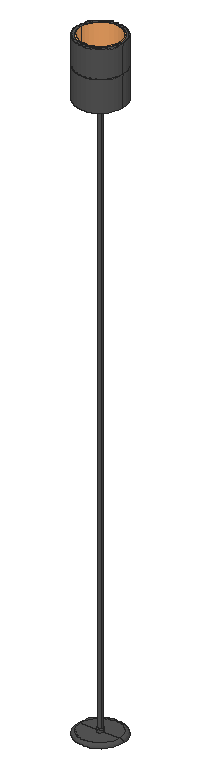
Revit family "MELO CYLINDER PENDANT LIGHT", category Lighting Fixtures, host Face, Revit 2020 (continued)
Types (16): name | Wattage_Input | Wattage Comments | Wattage | Voltage_Input | Size 08 | Size 06 | Size 04 | Selectable Wattage | Photometric Web File | Pendent Rod Length_1 | Pendent | Order number | built-in parameter 1150142 | Model | built-in parameter 1150105 | Lumens | built-in parameter 1150106 | Fixture Diameter | Canopy for Surface Mount J-box | Canopy for Recessed J-Box | Canopy Height | C2 H | C1 H | BEAMING ANGLE
    2.75 13764.14 \r\n 11870.57 10236.50 8799.76  7614.37  6645.04  5827.49  5142.38  4554.01  4037.97  3567.71  \r\n 3137.34  2740.69  2375.36  2037.57  1733.39  1460.54  1244.50  1028.89  862.92   725.08   \r\n 621.19   535.38   467.09   411.76   364.47   321.07   284.61   250.85   218.74   192.67   \r\n 170.84   149.23   127.62   110.28   94.68    80.69    68.92    58.68    48.87    42.03    \r\n 35.00    31.37    29.38    28.23    27.23    26.03    24.87    23.91    22.86    22.01    \r\n 21.17    20.25    19.32    18.36    17.40    16.46    15.52    14.61    13.71    12.85    \r\n 11.98    11.18    10.37    9.61     8.84     8.11     7.41     6.71     6.06     5.43     \r\n 4.82     4.21     3.65     3.05     2.53     2.01     1.52     1.04     0.53     0.16     \r\n 0.12     0.11     0.11     0.11     0.11     0.11     0.11     0.11     0.11     0.11     \r\n 0.11     0.11     0.11     0.11     0.12     0.12     0.13     0.14     0.14     0.14     \r\n 0.15     0.14     0.14     0.14     0.14     0.15     0.16     0.17     0.21     0.24     \r\n 0.24     0.24     0.24     0.24     0.31     0.31     0.31     0.36     0.38     0.38     \r\n 0.42     0.45     0.53     0.55     0.61     0.68     0.74     0.83     0.93     1.04     \r\n 1.18     1.33     1.50     1.69     1.92     2.16     2.46     2.78     3.15     3.57     \r\n 4.03     4.57     5.17     5.87     6.65     7.54     8.53     9.65     10.90    12.20    \r\n 13.56    14.90    16.22    17.50    18.68    19.72    20.59    21.30    21.86    22.26    \r\n 22.50    22.61    22.55    22.39    22.17    21.92    21.64    21.39    21.21    21.15    \r\n 21.74    \r\n38836.18 38371.05 37084.66 34554.06 30547.92 26408.26 22731.77 19435.27 16489.90 14172.55 \r\n 12310.86 10454.39 8968.21  7734.72  6736.62  5898.19  5198.47  4579.23  4036.86  3554.45  \r\n 3113.05  2705.87  2333.78  1995.37  1693.44  1430.38  1221.39  1012.96  853.35   723.05   \r\n 620.74   539.42   471.34   417.00   370.66   326.86   290.01   256.71   224.59   197.74   \r\n 175.85   152.84   130.67   112.92   96.92    82.82    70.86    60.40    50.70    43.78    \r\n 36.37    32.60    30.70    29.58    28.54    27.23    25.97    24.88    23.93    23.05    \r\n 22.08    21.14    20.15    19.13    18.16    17.16    16.20    15.27    14.34    13.42    \r\n 12.54    11.65    10.83    10.03    9.23     8.50     7.74     7.02     6.34     5.68     \r\n 5.03     4.39     3.82     3.22     2.67     2.13     1.61     1.11     0.62     0.19     \r\n 0.14     0.13     0.13     0.13     0.13     0.13     0.13     0.14     0.14     0.14     \r\n 0.14     0.14     0.14     0.14     0.14     0.15     0.15     0.15     0.15     0.15     \r\n 0.15     0.15     0.15     0.16     0.16     0.18     0.23     0.23     0.24     0.24     \r\n 0.24     0.24     0.25     0.29     0.29     0.30     0.34     0.36     0.38     0.44     \r\n 0.45     0.48     0.52     0.60     0.63     0.69     0.76     0.87     0.95     1.06     \r\n 1.20     1.35     1.52     1.70     1.91     2.16     2.44     2.75     3.11     3.52     \r\n 3.98     4.51     5.10     5.79     6.56     7.45     8.41     9.48     10.67    11.91    \r\n 13.17    14.45    15.72    16.92    18.06    19.11    20.02    20.81    21.51    22.06    \r\n 22.47    22.76    22.90    22.93    22.81    22.63    22.43    22.20    22.02    21.94    \r\n 21.74    \r\n38709.26 38380.47 37323.10 35119.75 31256.62 27305.96 23360.02 19899.30 16843.52 14351.77 \r\n 12308.41 10567.08 9063.85  7803.33  6774.70  5925.46  5217.34  4580.09  4035.31  3534.16  \r\n 3099.72  2665.78  2293.29  1956.72  1661.98  1410.16  1190.45  1005.07  849.70   723.05   \r\n 621.35   540.50   473.79   419.17   373.31   331.08   294.86   258.68   227.42   200.17   \r\n 177.86   156.30   134.46   116.07   99.58    85.03    72.57    62.27    52.77    45.50    \r\n 37.70    33.08    30.90    29.56    28.55    27.28    26.10    25.03    24.07    23.13    \r\n 22.31    21.34    20.34    19.35    18.36    17.38    16.42    15.49    14.57    13.65    \r\n 12.76    11.89    11.07    10.23    9.45     8.67     7.93     7.21     6.49     5.84     \r\n 5.17     4.54     3.93     3.34     2.77     2.22     1.69     1.18     0.68     0.20     \r\n 0.10     0.10     0.10     0.10     0.10     0.11     0.11     0.11     0.12     0.12     \r\n 0.12     0.12     0.13     0.13     0.14     0.14     0.14     0.14     0.15     0.15     \r\n 0.15     0.16     0.17     0.17     0.19     0.19     0.20     0.21     0.21     0.22     \r\n 0.24     0.25     0.27     0.28     0.30     0.33     0.35     0.36     0.40     0.42     \r\n 0.45     0.50     0.54     0.59     0.64     0.71     0.78     0.86     0.95     1.07     \r\n 1.19     1.34     1.50     1.69     1.88     2.13     2.39     2.69     3.03     3.42     \r\n 3.87     4.36     4.95     5.60     6.36     7.24     8.22     9.28     10.44    11.66    \r\n 12.92    14.22    15.50    16.70    17.85    18.87    19.79    20.64    21.35    21.94    \r\n 22.39    22.70    22.87    22.87    22.86    22.70    22.45    22.17    22.04    21.96    \r\n 21.74    \r\n38592.52 38266.70 37273.23 35088.11 31252.12 27104.92 23234.39 19792.30 16669.63 14211.57 \r\n 12307.27 10409.35 8903.48  7667.91  6664.16  5826.14  5127.83  4516.10  3982.25  3505.56  \r\n 3071.25  2675.88  2312.35  1979.66  1679.68  1416.63  1208.38  1000.70  842.88   716.01   \r\n 615.41   536.05   469.52   415.86   370.65   329.05   291.67   260.55   228.81   201.66   \r\n 179.66   158.12   137.59   117.07   100.32   85.51    73.09    62.66    53.16    46.06    \r\n 38.24    33.45    31.18    29.76    28.69    27.45    26.28    25.08    24.14    23.26    \r\n 22.43    21.50    20.52    19.50    18.51    17.53    16.56    15.62    14.68    13.76    \r\n 12.85    11.96    11.12    10.30    9.51     8.73     7.98     7.24     6.54     5.87     \r\n 5.22     4.58     3.96     3.36     2.80     2.25     1.72     1.21     0.71     0.23     \r\n 0.13     0.13     0.13     0.13     0.13     0.13     0.13     0.13     0.13     0.13     \r\n 0.13     0.13     0.13     0.14     0.15     0.15     0.15     0.15     0.15     0.15     \r\n 0.15     0.15     0.15     0.15     0.16     0.17     0.17     0.19     0.21     0.21     \r\n 0.22     0.22     0.24     0.27     0.29     0.29     0.31     0.35     0.36     0.43     \r\n 0.45     0.48     0.52     0.57     0.63     0.69     0.76     0.85     0.95     1.05     \r\n 1.18     1.34     1.50     1.68     1.89     2.14     2.42     2.71     3.06     3.46     \r\n 3.94     4.41     5.01     5.69     6.43     7.31     8.24     9.28     10.41    11.66    \r\n 12.89    14.20    15.45    16.67    17.80    18.88    19.78    20.58    21.24    21.79    \r\n 22.21    22.48    22.63    22.71    22.68    22.59    22.42    22.21    22.04    21.97    \r\n 21.74    \r\n38481.39 38298.30 37476.21 35674.52 32158.25 28142.76 24132.04 20610.72 17361.00 14727.59 \r\n 12554.85 10749.57 9188.05  7872.80  6821.02  5956.68  5241.03  4602.90  4063.89  3577.42  \r\n 3160.30  2743.61  2381.65  2044.71  1737.20  1467.11  1230.34  1032.03  869.63   738.10   \r\n 633.28   550.68   482.54   426.53   380.47   338.49   301.98   265.53   234.08   205.16   \r\n 182.03   161.77   139.81   120.69   103.38   88.19    75.34    64.90    55.72    47.95    \r\n 40.43    34.50    31.84    30.12    29.03    27.83    26.66    25.42    24.46    23.55    \r\n 22.77    21.81    20.83    19.84    18.82    17.84    16.87    15.93    15.01    14.08    \r\n 13.18    12.29    11.43    10.58    9.79     8.98     8.22     7.48     6.75     6.08     \r\n 5.40     4.75     4.12     3.52     2.93     2.37     1.83     1.30     0.80     0.29     \r\n 0.10     0.10     0.10     0.11     0.10     0.10     0.11     0.11     0.11     0.12     \r\n 0.12     0.12     0.13     0.13     0.13     0.14     0.14     0.14     0.14     0.15     \r\n 0.16     0.16     0.17     0.18     0.18     0.19     0.20     0.21     0.21     0.22     \r\n 0.23     0.25     0.26     0.27     0.29     0.32     0.34     0.36     0.39     0.42     \r\n 0.45     0.50     0.54     0.59     0.65     0.71     0.79     0.86     0.97     1.08     \r\n 1.21     1.36     1.51     1.71     1.89     2.12     2.38     2.68     3.01     3.39     \r\n 3.83     4.31     4.88     5.50     6.24     7.08     8.03     9.05     10.18    11.36    \r\n 12.63    13.90    15.17    16.40    17.58    18.65    19.63    20.50    21.23    21.82    \r\n 22.28    22.58    22.77    22.80    22.77    22.66    22.49    22.32    22.18    22.12    \r\n 21.74    \r\n38404.20 38241.57 37467.27 35691.62 32169.92 28039.70 24132.40 20685.24 17350.01 14810.86 \r\n 12800.57 10796.35 9209.13  7886.86  6825.44  5934.27  5202.66  4560.55  4000.57  3507.18  \r\n 3059.56  2658.87  2290.13  1955.98  1659.73  1393.44  1177.49  991.57   837.58   714.52   \r\n 616.62   539.33   474.09   420.95   375.90   335.78   297.80   266.01   233.61   204.82   \r\n 181.53   161.35   140.49   119.61   102.32   87.17    74.60    64.34    55.45    47.86    \r\n 40.45    34.46    31.88    30.27    29.29    28.07    26.77    25.62    24.67    23.69    \r\n 22.89    21.97    20.99    20.00    19.01    18.02    17.03    16.08    15.14    14.19    \r\n 13.27    12.37    11.49    10.66    9.83     9.04     8.27     7.52     6.79     6.11     \r\n 5.44     4.77     4.16     3.55     2.96     2.39     1.84     1.32     0.80     0.31     \r\n 0.13     0.12     0.12     0.12     0.12     0.12     0.12     0.12     0.12     0.12     \r\n 0.12     0.13     0.13     0.13     0.13     0.13     0.14     0.14     0.14     0.14     \r\n 0.14     0.14     0.14     0.16     0.16     0.17     0.18     0.21     0.23     0.23     \r\n 0.23     0.23     0.23     0.27     0.29     0.29     0.31     0.34     0.37     0.41     \r\n 0.43     0.47     0.52     0.59     0.63     0.70     0.77     0.90     0.96     1.09     \r\n 1.21     1.36     1.52     1.70     1.91     2.15     2.42     2.70     3.06     3.43     \r\n 3.91     4.40     4.95     5.63     6.35     7.20     8.11     9.12     10.25    11.45    \r\n 12.69    13.95    15.22    16.43    17.59    18.69    19.63    20.50    21.23    21.80    \r\n 22.25    22.57    22.76    22.81    22.81    22.69    22.54    22.39    22.27    22.16    \r\n 21.74    \r\n38295.28 38220.50 37595.81 36108.08 32976.02 28926.17 24880.87 21303.76 18013.15 15307.67 \r\n 13063.33 11184.11 9552.48  8173.50  7034.73  6110.68  5339.07  4642.73  4055.81  3519.36  \r\n 3070.72  2622.64  2245.75  1913.18  1620.94  1374.94  1161.72  981.81   833.80   713.21   \r\n 616.91   540.93   477.20   423.97   379.87   339.57   303.04   270.09   237.18   207.08   \r\n 183.39   163.90   141.87   122.39   104.47   89.01    76.10    65.82    56.93    48.90    \r\n 41.90    35.20    32.22    30.52    29.49    28.36    27.05    25.86    24.83    23.98    \r\n 23.12    22.17    21.18    20.19    19.18    18.23    17.24    16.28    15.35    14.42    \r\n 13.50    12.61    11.72    10.86    10.06    9.23     8.46     7.70     6.96     6.28     \r\n 5.59     4.92     4.28     3.67     3.08     2.49     1.93     1.40     0.88     0.37     \r\n 0.09     0.09     0.10     0.10     0.10     0.10     0.10     0.10     0.11     0.11     \r\n 0.11     0.12     0.12     0.13     0.13     0.14     0.14     0.14     0.15     0.16     \r\n 0.17     0.17     0.18     0.17     0.18     0.18     0.19     0.20     0.21     0.21     \r\n 0.23     0.25     0.26     0.28     0.29     0.32     0.33     0.36     0.39     0.42     \r\n 0.45     0.50     0.54     0.58     0.64     0.71     0.79     0.87     0.97     1.08     \r\n 1.22     1.36     1.52     1.70     1.89     2.13     2.39     2.69     3.02     3.40     \r\n 3.84     4.31     4.88     5.51     6.23     7.06     7.99     9.00     10.12    11.30    \r\n 12.54    13.81    15.08    16.30    17.48    18.54    19.51    20.39    21.13    21.77    \r\n 22.26    22.60    22.79    22.77    22.69    22.57    22.42    22.26    22.12    21.97    \r\n 21.74    \r\n38234.67 38114.89 37489.07 35923.20 32838.69 28625.16 24532.05 21013.32 17677.25 15068.78 \r\n 13056.17 11050.42 9466.94  8107.19  6994.70  6074.86  5312.07  4630.71  4030.45  3503.31  \r\n 3029.99  2608.86  2231.92  1896.27  1605.63  1374.46  1143.91  964.75   817.01   698.55   \r\n 604.07   529.26   466.39   414.40   369.82   331.03   294.24   262.92   231.84   202.46   \r\n 179.16   159.29   138.31   117.31   100.31   85.56    73.61    63.86    55.48    48.03    \r\n 41.03    34.75    32.00    30.33    29.31    28.13    26.92    25.75    24.78    23.83    \r\n 23.00    22.12    21.15    20.17    19.18    18.19    17.23    16.26    15.31    14.38    \r\n 13.45    12.54    11.64    10.81    9.98     9.18     8.41     7.65     6.92     6.23     \r\n 5.54     4.88     4.25     3.64     3.05     2.48     1.92     1.39     0.86     0.36     \r\n 0.13     0.12     0.12     0.12     0.12     0.12     0.12     0.12     0.12     0.13     \r\n 0.15     0.16     0.16     0.16     0.16     0.16     0.16     0.16     0.16     0.16     \r\n 0.16     0.16     0.16     0.16     0.16     0.17     0.18     0.19     0.20     0.21     \r\n 0.21     0.22     0.24     0.30     0.31     0.31     0.32     0.37     0.37     0.41     \r\n 0.45     0.48     0.52     0.58     0.65     0.69     0.78     0.86     0.96     1.08     \r\n 1.20     1.36     1.53     1.70     1.92     2.16     2.44     2.73     3.09     3.48     \r\n 3.94     4.42     4.97     5.64     6.35     7.21     8.10     9.10     10.20    11.39    \r\n 12.62    13.87    15.13    16.32    17.47    18.57    19.52    20.38    21.10    21.68    \r\n 22.12    22.41    22.57    22.61    22.51    22.38    22.24    22.09    21.97    21.84    \r\n 21.74    \r\n" | "MELO06R-SP30801-10D-15-GD-BK" | 4200 (stored number, unit not read) | 4200 lm | 42 (stored number, unit not read) | 0' - 5 205/256" | no | yes | 0' - 0 1/2" | 0' - 2 109/128" | 0' - 3 13/256" | 15.00°
